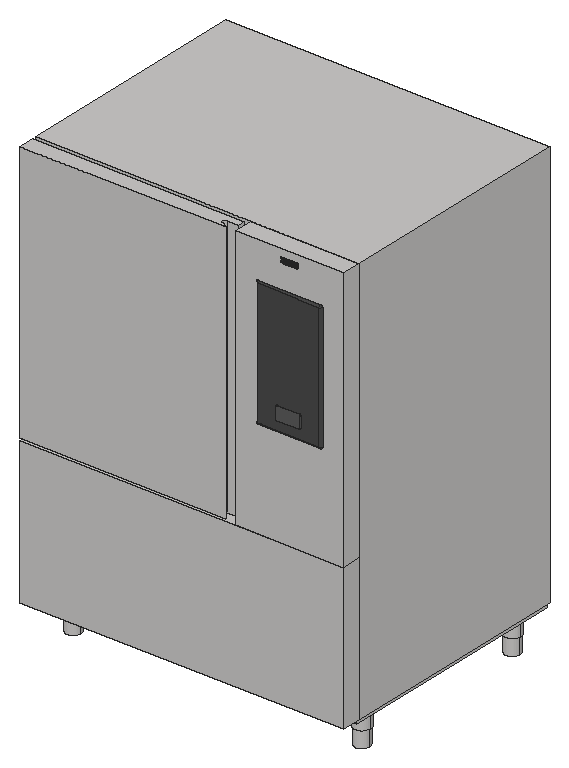
Revit family "QF_ZANUSSI_110549_ZBFA12E", category Specialty Equipment, Revit 2018 (continued)
Automatic sketch dimensions
  Split face 299 sketch curve to Split face 299 sketch curve = 110.016 mm
  Split face 299 sketch curve to Split face 299 sketch curve = 4.974 mm
  Split face 300 sketch curve to Extrusion 4 = 147.5 mm
  Split face 300 sketch curve to Extrusion 4 = 620.012 mm
  Split face 300 sketch curve to Split face 300 sketch curve = 110.016 mm
  Split face 300 sketch curve to Split face 300 sketch curve = 4.974 mm
  Split face 301 sketch curve to Extrusion 4 = 157 mm
  Split face 301 sketch curve to Extrusion 4 = 620.012 mm
  Split face 301 sketch curve to Split face 301 sketch curve = 110.016 mm
  Split face 301 sketch curve to Split face 301 sketch curve = 4.974 mm
  Split face 302 sketch curve to Extrusion 4 = 166.5 mm
  Split face 302 sketch curve to Extrusion 4 = 620.012 mm
  Split face 302 sketch curve to Split face 302 sketch curve = 110.016 mm
  Split face 302 sketch curve to Split face 302 sketch curve = 4.974 mm
  Split face 303 sketch curve to Extrusion 4 = 176 mm
  Split face 303 sketch curve to Extrusion 4 = 620.012 mm
  Split face 303 sketch curve to Split face 303 sketch curve = 110.016 mm
  Split face 303 sketch curve to Split face 303 sketch curve = 4.974 mm
  Split face 304 sketch curve to Extrusion 4 = 185.5 mm
  Split face 304 sketch curve to Extrusion 4 = 620.012 mm
  Split face 304 sketch curve to Split face 304 sketch curve = 110.016 mm
  Split face 304 sketch curve to Split face 304 sketch curve = 4.974 mm
  Split face 305 sketch curve to Extrusion 4 = 195 mm
  Split face 305 sketch curve to Extrusion 4 = 620.012 mm
  Split face 305 sketch curve to Split face 305 sketch curve = 110.016 mm
  Split face 305 sketch curve to Split face 305 sketch curve = 4.974 mm
  Split face 306 sketch curve to Extrusion 4 = 204.5 mm
  Split face 306 sketch curve to Extrusion 4 = 620.012 mm
  Split face 306 sketch curve to Split face 306 sketch curve = 110.016 mm
  Split face 306 sketch curve to Split face 306 sketch curve = 4.974 mm
  Split face 307 sketch curve to Extrusion 4 = 214 mm
  Split face 307 sketch curve to Extrusion 4 = 620.012 mm
  Split face 307 sketch curve to Split face 307 sketch curve = 110.016 mm
  Split face 307 sketch curve to Split face 307 sketch curve = 4.974 mm
  Split face 308 sketch curve to Extrusion 4 = 223.5 mm
  Split face 308 sketch curve to Extrusion 4 = 620.012 mm
  Split face 308 sketch curve to Split face 308 sketch curve = 110.016 mm
  Split face 308 sketch curve to Split face 308 sketch curve = 4.974 mm
  Split face 309 sketch curve to Extrusion 4 = 233.001 mm
  Split face 309 sketch curve to Extrusion 4 = 620.012 mm
  Split face 309 sketch curve to Split face 309 sketch curve = 110.016 mm
  Split face 309 sketch curve to Split face 309 sketch curve = 4.974 mm
  Split face 310 sketch curve to Extrusion 4 = 242.501 mm
  Split face 310 sketch curve to Extrusion 4 = 620.012 mm
  Split face 310 sketch curve to Split face 310 sketch curve = 110.016 mm
  Split face 310 sketch curve to Split face 310 sketch curve = 4.974 mm
  Split face 311 sketch curve to Extrusion 4 = 252.001 mm
  Split face 311 sketch curve to Extrusion 4 = 620.012 mm
  Split face 311 sketch curve to Split face 311 sketch curve = 110.016 mm
  Split face 311 sketch curve to Split face 311 sketch curve = 4.974 mm
  Split face 312 sketch curve to Extrusion 4 = 261.501 mm
  Split face 312 sketch curve to Extrusion 4 = 620.012 mm
  Split face 312 sketch curve to Split face 312 sketch curve = 110.016 mm
  Split face 312 sketch curve to Split face 312 sketch curve = 4.974 mm
  Split face 313 sketch curve to Extrusion 4 = 271.001 mm
  Split face 313 sketch curve to Extrusion 4 = 620.012 mm
  Split face 313 sketch curve to Split face 313 sketch curve = 110.016 mm
  Split face 313 sketch curve to Split face 313 sketch curve = 4.974 mm
  Split face 314 sketch curve to Extrusion 4 = 279.479 mm
  Split face 314 sketch curve to Extrusion 4 = 620.012 mm
  Split face 314 sketch curve to Split face 314 sketch curve = 110.016 mm
  Split face 314 sketch curve to Split face 314 sketch curve = 4.974 mm
  Split face 315 sketch curve to Extrusion 4 = 269.979 mm
  Split face 315 sketch curve to Extrusion 4 = 620.012 mm
  Split face 315 sketch curve to Split face 315 sketch curve = 110.016 mm
  Split face 315 sketch curve to Split face 315 sketch curve = 4.974 mm
  Split face 316 sketch curve to Extrusion 4 = 260.479 mm
  Split face 316 sketch curve to Extrusion 4 = 620.012 mm
  Split face 316 sketch curve to Split face 316 sketch curve = 110.016 mm
  Split face 316 sketch curve to Split face 316 sketch curve = 4.974 mm
  Split face 317 sketch curve to Extrusion 4 = 250.978 mm
  Split face 317 sketch curve to Extrusion 4 = 620.012 mm
  Split face 317 sketch curve to Split face 317 sketch curve = 110.016 mm
  Split face 317 sketch curve to Split face 317 sketch curve = 4.974 mm
  Split face 318 sketch curve to Extrusion 4 = 241.478 mm
  Split face 318 sketch curve to Extrusion 4 = 620.012 mm
  Split face 318 sketch curve to Split face 318 sketch curve = 110.016 mm
  Split face 318 sketch curve to Split face 318 sketch curve = 4.974 mm
  Split face 319 sketch curve to Extrusion 4 = 231.978 mm
  Split face 319 sketch curve to Extrusion 4 = 620.012 mm
  Split face 319 sketch curve to Split face 319 sketch curve = 110.016 mm
  Split face 319 sketch curve to Split face 319 sketch curve = 4.974 mm
  Split face 320 sketch curve to Extrusion 4 = 222.478 mm
  Split face 320 sketch curve to Extrusion 4 = 620.012 mm
  Split face 320 sketch curve to Split face 320 sketch curve = 110.016 mm
  Split face 320 sketch curve to Split face 320 sketch curve = 4.974 mm
  Split face 321 sketch curve to Extrusion 4 = 212.978 mm
  Split face 321 sketch curve to Extrusion 4 = 620.012 mm
  Split face 321 sketch curve to Split face 321 sketch curve = 110.016 mm
  Split face 321 sketch curve to Split face 321 sketch curve = 4.974 mm
  Split face 322 sketch curve to Extrusion 4 = 203.478 mm
  Split face 322 sketch curve to Extrusion 4 = 620.012 mm
  Split face 322 sketch curve to Split face 322 sketch curve = 110.016 mm
  Split face 322 sketch curve to Split face 322 sketch curve = 4.974 mm
  Split face 323 sketch curve to Extrusion 4 = 193.978 mm
  Split face 323 sketch curve to Extrusion 4 = 620.012 mm
  Split face 323 sketch curve to Split face 323 sketch curve = 110.016 mm
  Split face 323 sketch curve to Split face 323 sketch curve = 4.974 mm
  Split face 324 sketch curve to Extrusion 4 = 184.478 mm
  Split face 324 sketch curve to Extrusion 4 = 620.012 mm
  Split face 324 sketch curve to Split face 324 sketch curve = 110.016 mm
  Split face 324 sketch curve to Split face 324 sketch curve = 4.974 mm
  Split face 325 sketch curve to Extrusion 4 = 174.978 mm
  Split face 325 sketch curve to Extrusion 4 = 620.012 mm
  Split face 325 sketch curve to Split face 325 sketch curve = 110.016 mm
  Split face 325 sketch curve to Split face 325 sketch curve = 4.974 mm
  Split face 326 sketch curve to Extrusion 4 = 165.478 mm
  Split face 326 sketch curve to Extrusion 4 = 620.012 mm
  Split face 326 sketch curve to Split face 326 sketch curve = 110.016 mm
  Split face 326 sketch curve to Split face 326 sketch curve = 4.974 mm
  Split face 327 sketch curve to Extrusion 4 = 155.978 mm
  Split face 327 sketch curve to Extrusion 4 = 620.012 mm
  Split face 327 sketch curve to Split face 327 sketch curve = 110.016 mm
  Split face 327 sketch curve to Split face 327 sketch curve = 4.974 mm
  Split face 328 sketch curve to Extrusion 4 = 146.478 mm
  Split face 328 sketch curve to Extrusion 4 = 620.012 mm
  Split face 328 sketch curve to Split face 328 sketch curve = 110.016 mm
  Split face 328 sketch curve to Split face 328 sketch curve = 4.974 mm
  Split face 329 sketch curve to Extrusion 4 = 33.499 mm
  Split face 329 sketch curve to Extrusion 4 = 500.021 mm
  Split face 329 sketch curve to Extrusion 4 = 28.525 mm
  Split face 329 sketch curve to Split face 329 sketch curve = 110.016 mm
  Split face 330 sketch curve to Extrusion 4 = 42.999 mm
  Split face 330 sketch curve to Extrusion 4 = 500.021 mm
  Split face 330 sketch curve to Extrusion 4 = 38.025 mm
  Split face 330 sketch curve to Split face 330 sketch curve = 110.016 mm
  Split face 331 sketch curve to Extrusion 4 = 52.499 mm
  Split face 331 sketch curve to Extrusion 4 = 500.021 mm
  Split face 331 sketch curve to Extrusion 4 = 47.525 mm
  Split face 331 sketch curve to Split face 331 sketch curve = 110.016 mm
  Split face 332 sketch curve to Extrusion 4 = 61.999 mm
  Split face 332 sketch curve to Extrusion 4 = 500.021 mm
  Split face 332 sketch curve to Split face 332 sketch curve = 110.016 mm
  Split face 332 sketch curve to Split face 332 sketch curve = 4.974 mm
  Split face 333 sketch curve to Extrusion 4 = 71.499 mm
  Split face 333 sketch curve to Extrusion 4 = 500.021 mm
  Split face 333 sketch curve to Split face 333 sketch curve = 110.016 mm
  Split face 333 sketch curve to Split face 333 sketch curve = 4.974 mm
  Split face 334 sketch curve to Extrusion 4 = 80.999 mm
  Split face 334 sketch curve to Extrusion 4 = 500.021 mm
  Split face 334 sketch curve to Split face 334 sketch curve = 110.016 mm
  Split face 334 sketch curve to Split face 334 sketch curve = 4.974 mm
  Split face 335 sketch curve to Extrusion 4 = 90.499 mm
  Split face 335 sketch curve to Extrusion 4 = 500.021 mm
  Split face 335 sketch curve to Split face 335 sketch curve = 110.016 mm
  Split face 335 sketch curve to Split face 335 sketch curve = 4.974 mm
  Split face 336 sketch curve to Extrusion 4 = 99.999 mm
  Split face 336 sketch curve to Extrusion 4 = 500.021 mm
  Split face 336 sketch curve to Split face 336 sketch curve = 110.016 mm
  Split face 336 sketch curve to Split face 336 sketch curve = 4.974 mm
  Split face 337 sketch curve to Extrusion 4 = 109.499 mm
  Split face 337 sketch curve to Extrusion 4 = 500.021 mm
  Split face 337 sketch curve to Split face 337 sketch curve = 110.016 mm
  Split face 337 sketch curve to Split face 337 sketch curve = 4.974 mm
  Split face 338 sketch curve to Extrusion 4 = 119 mm
  Split face 338 sketch curve to Extrusion 4 = 500.021 mm
  Split face 338 sketch curve to Split face 338 sketch curve = 110.016 mm
  Split face 338 sketch curve to Split face 338 sketch curve = 4.974 mm
  Split face 339 sketch curve to Extrusion 4 = 128.5 mm
  Split face 339 sketch curve to Extrusion 4 = 500.021 mm
  Split face 339 sketch curve to Split face 339 sketch curve = 110.016 mm
  Split face 339 sketch curve to Split face 339 sketch curve = 4.974 mm
  Split face 340 sketch curve to Extrusion 4 = 138 mm
  Split face 340 sketch curve to Extrusion 4 = 500.021 mm
  Split face 340 sketch curve to Split face 340 sketch curve = 110.016 mm
  Split face 340 sketch curve to Split face 340 sketch curve = 4.974 mm
  Split face 341 sketch curve to Extrusion 4 = 147.5 mm
  Split face 341 sketch curve to Extrusion 4 = 500.021 mm
  Split face 341 sketch curve to Split face 341 sketch curve = 110.016 mm
  Split face 341 sketch curve to Split face 341 sketch curve = 4.974 mm
  Split face 342 sketch curve to Extrusion 4 = 157 mm
  Split face 342 sketch curve to Extrusion 4 = 500.021 mm
  Split face 342 sketch curve to Split face 342 sketch curve = 110.016 mm
  Split face 342 sketch curve to Split face 342 sketch curve = 4.974 mm
  Split face 343 sketch curve to Extrusion 4 = 166.5 mm
  Split face 343 sketch curve to Extrusion 4 = 500.021 mm
  Split face 343 sketch curve to Split face 343 sketch curve = 110.016 mm
  Split face 343 sketch curve to Split face 343 sketch curve = 4.974 mm
  Split face 344 sketch curve to Extrusion 4 = 176 mm
  Split face 344 sketch curve to Extrusion 4 = 500.021 mm
  Split face 344 sketch curve to Split face 344 sketch curve = 110.016 mm
  Split face 344 sketch curve to Split face 344 sketch curve = 4.974 mm
  Split face 345 sketch curve to Extrusion 4 = 185.5 mm
  Split face 345 sketch curve to Extrusion 4 = 500.021 mm
  Split face 345 sketch curve to Split face 345 sketch curve = 110.016 mm
  Split face 345 sketch curve to Split face 345 sketch curve = 4.974 mm
  Split face 346 sketch curve to Extrusion 4 = 195 mm
  Split face 346 sketch curve to Extrusion 4 = 500.021 mm
  Split face 346 sketch curve to Split face 346 sketch curve = 110.016 mm
  Split face 346 sketch curve to Split face 346 sketch curve = 4.974 mm
  Split face 347 sketch curve to Extrusion 4 = 204.5 mm
  Split face 347 sketch curve to Extrusion 4 = 500.021 mm
  Split face 347 sketch curve to Split face 347 sketch curve = 110.016 mm
  Split face 347 sketch curve to Split face 347 sketch curve = 4.974 mm
  Split face 348 sketch curve to Extrusion 4 = 214 mm
  Split face 348 sketch curve to Extrusion 4 = 500.021 mm
  Split face 348 sketch curve to Split face 348 sketch curve = 110.016 mm
  Split face 348 sketch curve to Split face 348 sketch curve = 4.974 mm
  Split face 349 sketch curve to Extrusion 4 = 223.5 mm
  Split face 349 sketch curve to Extrusion 4 = 500.021 mm
  Split face 349 sketch curve to Split face 349 sketch curve = 110.016 mm
  Split face 349 sketch curve to Split face 349 sketch curve = 4.974 mm
  Split face 350 sketch curve to Extrusion 4 = 233.001 mm
  Split face 350 sketch curve to Extrusion 4 = 500.021 mm
  Split face 350 sketch curve to Split face 350 sketch curve = 110.016 mm
  Split face 350 sketch curve to Split face 350 sketch curve = 4.974 mm
  Split face 351 sketch curve to Extrusion 4 = 242.501 mm
  Split face 351 sketch curve to Extrusion 4 = 500.021 mm
  Split face 351 sketch curve to Split face 351 sketch curve = 110.016 mm
  Split face 351 sketch curve to Split face 351 sketch curve = 4.974 mm
  Split face 352 sketch curve to Extrusion 4 = 500.021 mm
  Split face 352 sketch curve to Split face 352 sketch curve = 110.016 mm
  Split face 352 sketch curve to Extrusion 4 = 252.001 mm
  Split face 352 sketch curve to Split face 352 sketch curve = 4.974 mm
  Split face 353 sketch curve to Extrusion 4 = 500.021 mm
  Split face 353 sketch curve to Split face 353 sketch curve = 110.016 mm
  Split face 353 sketch curve to Extrusion 4 = 261.501 mm
  Split face 353 sketch curve to Split face 353 sketch curve = 4.974 mm
  Split face 354 sketch curve to Extrusion 4 = 500.021 mm
  Split face 354 sketch curve to Split face 354 sketch curve = 110.016 mm
  Split face 354 sketch curve to Extrusion 4 = 271.001 mm
  Split face 354 sketch curve to Split face 354 sketch curve = 4.974 mm
  Split face 355 sketch curve to Extrusion 4 = 500.021 mm
  Split face 355 sketch curve to Split face 355 sketch curve = 110.016 mm
  Split face 355 sketch curve to Extrusion 4 = 279.479 mm
  Split face 355 sketch curve to Split face 355 sketch curve = 4.974 mm
  Split face 356 sketch curve to Extrusion 4 = 500.021 mm
  Split face 356 sketch curve to Split face 356 sketch curve = 110.016 mm
  Split face 356 sketch curve to Extrusion 4 = 269.979 mm
  Split face 356 sketch curve to Split face 356 sketch curve = 4.974 mm
  Split face 357 sketch curve to Extrusion 4 = 500.021 mm
  Split face 357 sketch curve to Split face 357 sketch curve = 110.016 mm
  Split face 357 sketch curve to Extrusion 4 = 260.479 mm
  Split face 357 sketch curve to Split face 357 sketch curve = 4.974 mm
  Split face 358 sketch curve to Extrusion 4 = 500.021 mm
  Split face 358 sketch curve to Split face 358 sketch curve = 110.016 mm
  Split face 358 sketch curve to Extrusion 4 = 250.978 mm
  Split face 358 sketch curve to Split face 358 sketch curve = 4.974 mm
  Split face 359 sketch curve to Extrusion 4 = 241.478 mm
  Split face 359 sketch curve to Extrusion 4 = 500.021 mm
  Split face 359 sketch curve to Split face 359 sketch curve = 110.016 mm
  Split face 359 sketch curve to Split face 359 sketch curve = 4.974 mm
  Split face 360 sketch curve to Extrusion 4 = 231.978 mm
  Split face 360 sketch curve to Extrusion 4 = 500.021 mm
  Split face 360 sketch curve to Split face 360 sketch curve = 110.016 mm
  Split face 360 sketch curve to Split face 360 sketch curve = 4.974 mm
  Split face 361 sketch curve to Extrusion 4 = 222.478 mm
  Split face 361 sketch curve to Extrusion 4 = 500.021 mm
  Split face 361 sketch curve to Split face 361 sketch curve = 110.016 mm
  Split face 361 sketch curve to Split face 361 sketch curve = 4.974 mm
  Split face 362 sketch curve to Extrusion 4 = 212.978 mm
  Split face 362 sketch curve to Extrusion 4 = 500.021 mm
  Split face 362 sketch curve to Split face 362 sketch curve = 110.016 mm
  Split face 362 sketch curve to Split face 362 sketch curve = 4.974 mm
  Split face 363 sketch curve to Extrusion 4 = 203.478 mm
  Split face 363 sketch curve to Extrusion 4 = 500.021 mm
  Split face 363 sketch curve to Split face 363 sketch curve = 110.016 mm
  Split face 363 sketch curve to Split face 363 sketch curve = 4.974 mm
  Split face 364 sketch curve to Extrusion 4 = 193.978 mm
  Split face 364 sketch curve to Extrusion 4 = 500.021 mm
  Split face 364 sketch curve to Split face 364 sketch curve = 110.016 mm
  Split face 364 sketch curve to Split face 364 sketch curve = 4.974 mm
  Split face 365 sketch curve to Extrusion 4 = 184.478 mm
  Split face 365 sketch curve to Extrusion 4 = 500.021 mm
  Split face 365 sketch curve to Split face 365 sketch curve = 110.016 mm
  Split face 365 sketch curve to Split face 365 sketch curve = 4.974 mm
  Split face 366 sketch curve to Extrusion 4 = 174.978 mm
  Split face 366 sketch curve to Extrusion 4 = 500.021 mm
  Split face 366 sketch curve to Split face 366 sketch curve = 110.016 mm
  Split face 366 sketch curve to Split face 366 sketch curve = 4.974 mm
  Split face 367 sketch curve to Extrusion 4 = 165.478 mm
  Split face 367 sketch curve to Extrusion 4 = 500.021 mm
  Split face 367 sketch curve to Split face 367 sketch curve = 110.016 mm
  Split face 367 sketch curve to Split face 367 sketch curve = 4.974 mm
  Split face 368 sketch curve to Extrusion 4 = 155.978 mm
  Split face 368 sketch curve to Extrusion 4 = 500.021 mm
  Split face 368 sketch curve to Split face 368 sketch curve = 110.016 mm
  Split face 368 sketch curve to Split face 368 sketch curve = 4.974 mm
  Split face 369 sketch curve to Extrusion 4 = 146.478 mm
  Split face 369 sketch curve to Extrusion 4 = 500.021 mm
  Split face 369 sketch curve to Split face 369 sketch curve = 110.016 mm
  Split face 369 sketch curve to Split face 369 sketch curve = 4.974 mm
  Split face 370 sketch curve to Extrusion 4 = 33.499 mm
  Split face 370 sketch curve to Extrusion 4 = 509.996 mm
  Split face 370 sketch curve to Extrusion 4 = 28.525 mm
  Split face 370 sketch curve to Split face 370 sketch curve = 110.016 mm
  Split face 371 sketch curve to Extrusion 4 = 42.999 mm
  Split face 371 sketch curve to Extrusion 4 = 509.996 mm
  Split face 371 sketch curve to Extrusion 4 = 38.025 mm
  Split face 371 sketch curve to Split face 371 sketch curve = 110.016 mm
  Split face 372 sketch curve to Extrusion 4 = 52.499 mm
  Split face 372 sketch curve to Extrusion 4 = 509.996 mm
  Split face 372 sketch curve to Extrusion 4 = 47.525 mm
  Split face 372 sketch curve to Split face 372 sketch curve = 110.016 mm
  Split face 373 sketch curve to Extrusion 4 = 61.999 mm
  Split face 373 sketch curve to Extrusion 4 = 509.996 mm
  Split face 373 sketch curve to Split face 373 sketch curve = 110.016 mm
  Split face 373 sketch curve to Split face 373 sketch curve = 4.974 mm
  Split face 374 sketch curve to Extrusion 4 = 71.499 mm
  Split face 374 sketch curve to Extrusion 4 = 509.996 mm
  Split face 374 sketch curve to Split face 374 sketch curve = 110.016 mm
  Split face 374 sketch curve to Split face 374 sketch curve = 4.974 mm
  Split face 375 sketch curve to Extrusion 4 = 80.999 mm
  Split face 375 sketch curve to Extrusion 4 = 509.996 mm
  Split face 375 sketch curve to Split face 375 sketch curve = 110.016 mm
  Split face 375 sketch curve to Split face 375 sketch curve = 4.974 mm
  Split face 376 sketch curve to Extrusion 4 = 90.499 mm
  Split face 376 sketch curve to Extrusion 4 = 509.996 mm
  Split face 376 sketch curve to Split face 376 sketch curve = 110.016 mm
  Split face 376 sketch curve to Split face 376 sketch curve = 4.974 mm
  Split face 377 sketch curve to Extrusion 4 = 99.999 mm
  Split face 377 sketch curve to Extrusion 4 = 509.996 mm
  Split face 377 sketch curve to Split face 377 sketch curve = 110.016 mm
  Split face 377 sketch curve to Split face 377 sketch curve = 4.974 mm
  Split face 378 sketch curve to Extrusion 4 = 109.499 mm
  Split face 378 sketch curve to Extrusion 4 = 509.996 mm
  Split face 378 sketch curve to Split face 378 sketch curve = 110.016 mm
  Split face 378 sketch curve to Split face 378 sketch curve = 4.974 mm
  Split face 379 sketch curve to Extrusion 4 = 119 mm
  Split face 379 sketch curve to Extrusion 4 = 509.996 mm
  Split face 379 sketch curve to Split face 379 sketch curve = 110.016 mm
  Split face 379 sketch curve to Split face 379 sketch curve = 4.974 mm
  Split face 380 sketch curve to Extrusion 4 = 128.5 mm
  Split face 380 sketch curve to Extrusion 4 = 509.996 mm
  Split face 380 sketch curve to Split face 380 sketch curve = 110.016 mm
  Split face 380 sketch curve to Split face 380 sketch curve = 4.974 mm
  Split face 381 sketch curve to Extrusion 4 = 138 mm
  Split face 381 sketch curve to Extrusion 4 = 509.996 mm
  Split face 381 sketch curve to Split face 381 sketch curve = 110.016 mm
  Split face 381 sketch curve to Split face 381 sketch curve = 4.974 mm
  Split face 382 sketch curve to Extrusion 4 = 147.5 mm
  Split face 382 sketch curve to Extrusion 4 = 509.996 mm
  Split face 382 sketch curve to Split face 382 sketch curve = 110.016 mm
  Split face 382 sketch curve to Split face 382 sketch curve = 4.974 mm
  Split face 383 sketch curve to Extrusion 4 = 157 mm
  Split face 383 sketch curve to Extrusion 4 = 509.996 mm
  Split face 383 sketch curve to Split face 383 sketch curve = 110.016 mm
  Split face 383 sketch curve to Split face 383 sketch curve = 4.974 mm
  Split face 384 sketch curve to Extrusion 4 = 166.5 mm
  Split face 384 sketch curve to Extrusion 4 = 509.996 mm
  Split face 384 sketch curve to Split face 384 sketch curve = 110.016 mm
  Split face 384 sketch curve to Split face 384 sketch curve = 4.974 mm
  Split face 385 sketch curve to Extrusion 4 = 176 mm
  Split face 385 sketch curve to Extrusion 4 = 509.996 mm
  Split face 385 sketch curve to Split face 385 sketch curve = 110.016 mm
  Split face 385 sketch curve to Split face 385 sketch curve = 4.974 mm
  Split face 386 sketch curve to Extrusion 4 = 185.5 mm
  Split face 386 sketch curve to Extrusion 4 = 509.996 mm
  Split face 386 sketch curve to Split face 386 sketch curve = 110.016 mm
  Split face 386 sketch curve to Split face 386 sketch curve = 4.974 mm
  Split face 387 sketch curve to Extrusion 4 = 195 mm
  Split face 387 sketch curve to Extrusion 4 = 509.996 mm
  Split face 387 sketch curve to Split face 387 sketch curve = 110.016 mm
  Split face 387 sketch curve to Split face 387 sketch curve = 4.974 mm
  Split face 388 sketch curve to Extrusion 4 = 204.5 mm
  Split face 388 sketch curve to Extrusion 4 = 509.996 mm
  Split face 388 sketch curve to Split face 388 sketch curve = 110.016 mm
  Split face 388 sketch curve to Split face 388 sketch curve = 4.974 mm
  Split face 389 sketch curve to Extrusion 4 = 214 mm
  Split face 389 sketch curve to Extrusion 4 = 509.996 mm
  Split face 389 sketch curve to Split face 389 sketch curve = 110.016 mm
  Split face 389 sketch curve to Split face 389 sketch curve = 4.974 mm
  Split face 390 sketch curve to Extrusion 4 = 223.5 mm
  Split face 390 sketch curve to Extrusion 4 = 509.996 mm
  Split face 390 sketch curve to Split face 390 sketch curve = 110.016 mm
  Split face 390 sketch curve to Split face 390 sketch curve = 4.974 mm
  Split face 391 sketch curve to Extrusion 4 = 233.001 mm
  Split face 391 sketch curve to Extrusion 4 = 509.996 mm
  Split face 391 sketch curve to Split face 391 sketch curve = 110.016 mm
  Split face 391 sketch curve to Split face 391 sketch curve = 4.974 mm
  Split face 392 sketch curve to Extrusion 4 = 242.501 mm
  Split face 392 sketch curve to Extrusion 4 = 509.996 mm
  Split face 392 sketch curve to Split face 392 sketch curve = 110.016 mm
  Split face 392 sketch curve to Split face 392 sketch curve = 4.974 mm
  Split face 393 sketch curve to Extrusion 4 = 252.001 mm
  Split face 393 sketch curve to Extrusion 4 = 509.996 mm
  Split face 393 sketch curve to Split face 393 sketch curve = 110.016 mm
  Split face 393 sketch curve to Split face 393 sketch curve = 4.974 mm
  Split face 394 sketch curve to Extrusion 4 = 509.996 mm
  Split face 394 sketch curve to Split face 394 sketch curve = 110.016 mm
  Split face 394 sketch curve to Extrusion 4 = 261.501 mm
  Split face 394 sketch curve to Split face 394 sketch curve = 4.974 mm
  Split face 395 sketch curve to Extrusion 4 = 509.996 mm
  Split face 395 sketch curve to Split face 395 sketch curve = 110.016 mm
  Split face 395 sketch curve to Extrusion 4 = 271.001 mm
  Split face 395 sketch curve to Split face 395 sketch curve = 4.974 mm
  Split face 396 sketch curve to Extrusion 4 = 509.996 mm
  Split face 396 sketch curve to Split face 396 sketch curve = 110.016 mm
  Split face 396 sketch curve to Extrusion 4 = 279.479 mm
  Split face 396 sketch curve to Split face 396 sketch curve = 4.974 mm
  Split face 397 sketch curve to Extrusion 4 = 509.996 mm
  Split face 397 sketch curve to Split face 397 sketch curve = 110.016 mm
  Split face 397 sketch curve to Extrusion 4 = 269.979 mm
  Split face 397 sketch curve to Split face 397 sketch curve = 4.974 mm
  Split face 398 sketch curve to Extrusion 4 = 509.996 mm
  Split face 398 sketch curve to Split face 398 sketch curve = 110.016 mm
  Split face 398 sketch curve to Extrusion 4 = 260.479 mm
  Split face 398 sketch curve to Split face 398 sketch curve = 4.974 mm
  Split face 399 sketch curve to Extrusion 4 = 250.978 mm
  Split face 399 sketch curve to Extrusion 4 = 509.996 mm
  Split face 399 sketch curve to Split face 399 sketch curve = 110.016 mm
  Split face 399 sketch curve to Split face 399 sketch curve = 4.974 mm
  Split face 400 sketch curve to Extrusion 4 = 241.478 mm
  Split face 400 sketch curve to Extrusion 4 = 509.996 mm
  Split face 400 sketch curve to Split face 400 sketch curve = 110.016 mm
  Split face 400 sketch curve to Split face 400 sketch curve = 4.974 mm
  Split face 401 sketch curve to Extrusion 4 = 231.978 mm
  Split face 401 sketch curve to Extrusion 4 = 509.996 mm
  Split face 401 sketch curve to Split face 401 sketch curve = 110.016 mm
  Split face 401 sketch curve to Split face 401 sketch curve = 4.974 mm
  Split face 402 sketch curve to Extrusion 4 = 222.478 mm
  Split face 402 sketch curve to Extrusion 4 = 509.996 mm
  Split face 402 sketch curve to Split face 402 sketch curve = 110.016 mm
  Split face 402 sketch curve to Split face 402 sketch curve = 4.974 mm
  Split face 403 sketch curve to Extrusion 4 = 212.978 mm
  Split face 403 sketch curve to Extrusion 4 = 509.996 mm
  Split face 403 sketch curve to Split face 403 sketch curve = 110.016 mm
  Split face 403 sketch curve to Split face 403 sketch curve = 4.974 mm
  Split face 404 sketch curve to Extrusion 4 = 203.478 mm
  Split face 404 sketch curve to Extrusion 4 = 509.996 mm
  Split face 404 sketch curve to Split face 404 sketch curve = 110.016 mm
  Split face 404 sketch curve to Split face 404 sketch curve = 4.974 mm
  Split face 405 sketch curve to Extrusion 4 = 193.978 mm
  Split face 405 sketch curve to Extrusion 4 = 509.996 mm
  Split face 405 sketch curve to Split face 405 sketch curve = 110.016 mm
  Split face 405 sketch curve to Split face 405 sketch curve = 4.974 mm
  Split face 406 sketch curve to Extrusion 4 = 184.478 mm
  Split face 406 sketch curve to Extrusion 4 = 509.996 mm
  Split face 406 sketch curve to Split face 406 sketch curve = 110.016 mm
  Split face 406 sketch curve to Split face 406 sketch curve = 4.974 mm
  Split face 407 sketch curve to Extrusion 4 = 174.978 mm
  Split face 407 sketch curve to Extrusion 4 = 509.996 mm
  Split face 407 sketch curve to Split face 407 sketch curve = 110.016 mm
  Split face 407 sketch curve to Split face 407 sketch curve = 4.974 mm
  Split face 408 sketch curve to Extrusion 4 = 165.478 mm
  Split face 408 sketch curve to Extrusion 4 = 509.996 mm
  Split face 408 sketch curve to Split face 408 sketch curve = 110.016 mm
  Split face 408 sketch curve to Split face 408 sketch curve = 4.974 mm
  Split face 409 sketch curve to Extrusion 4 = 155.978 mm
  Split face 409 sketch curve to Extrusion 4 = 509.996 mm
  Split face 409 sketch curve to Split face 409 sketch curve = 110.016 mm
  Split face 409 sketch curve to Split face 409 sketch curve = 4.974 mm
  Split face 410 sketch curve to Extrusion 4 = 146.478 mm
  Split face 410 sketch curve to Extrusion 4 = 509.996 mm
  Split face 410 sketch curve to Split face 410 sketch curve = 110.016 mm
  Split face 410 sketch curve to Split face 410 sketch curve = 4.974 mm
  Extrusion 12 sketch curve to plane 7 "TOP" = 0 mm
  plane 5 "FRONT" to Extrusion 12 sketch curve = 0 mm
  plane 6 to Extrusion 12 sketch curve = 589.524 mm
  plane 5 "FRONT" to Extrusion 1 sketch curve = 76 mm
  plane 5 "FRONT" to Extrusion 5 sketch curve = 78 mm
  Extrusion 10 sketch curve to plane 5 "FRONT" = 0 mm
  plane 12 "LEFT" to Extrusion 10 sketch curve = 23.403 mm
  Extrusion 10 sketch curve to plane 13 = 14 mm
  plane 3 "Center Y" to Extrusion 10 sketch curve = 193.2 mm
  plane 10 to Extrusion 10 sketch curve = 2.5 mm
  plane 10 to Extrusion 12 sketch curve = 2.5 mm
  plane 3 "Center Y" to Extrusion 8 sketch curve = 193.2 mm
  plane 3 "Center Y" to Extrusion 13 sketch curve = 143.532 mm
  Extrusion 13 sketch curve to Extrusion 13 sketch curve = 4.321 mm
  Extrusion 13 sketch curve to Extrusion 13 sketch curve = 0.039 mm
  Extrusion 13 sketch curve to Extrusion 13 sketch curve = 27.707 mm
  plane 3 "Center Y" to Extrusion 13 sketch curve = 193.2 mm
  Extrusion 13 sketch curve to plane 5 "FRONT" = 0 mm
  Extrusion 13 sketch curve to Extrusion 13 sketch curve = 16.635 mm
  Extrusion 13 sketch curve to Extrusion 13 sketch curve = 7.197 mm
  plane 10 to Extrusion 14 sketch curve = 2.5 mm
  Extrusion 14 sketch curve to plane 12 "LEFT" = 7 mm
  Extrusion 14 sketch curve to Extrusion 14 sketch curve = 21.962 mm
  Extrusion 14 sketch curve to Extrusion 14 sketch curve = 23.346 mm
  Extrusion 14 sketch curve to Extrusion 14 sketch curve = 0.039 mm
  plane 12 "LEFT" to Extrusion 14 sketch curve = 9.635 mm
  Extrusion 14 sketch curve to Extrusion 14 sketch curve = 4.321 mm
  Extrusion 14 sketch curve to Extrusion 14 sketch curve = 7.197 mm
  curve 21 to plane 5 "FRONT" = 0 mm
  curve 21 to plane 12 "LEFT" = 0 mm
  curve 19 to plane 12 "LEFT" = 0 mm
  curve 18 to plane 5 "FRONT" = 0 mm
  plane 5 "FRONT" to curve 23 = 60 mm
  plane 3 "Center Y" to curve 23 = 193.2 mm
  curve 20 to curve 18 = 14.8 mm
  curve 20 to curve 18 = 16 mm
  curve 22 to curve 18 = 36.762 mm
  curve 23 to curve 20 = 27.773 mm
  curve 1 to plane 4 "BACK" = 0 mm
  curve 1 to plane 11 "RIGHT" = 0 mm
  curve 13 to plane 5 "FRONT" = 0 mm
  curve 6 to plane 9 = 0 mm
  curve 14 to plane 5 "FRONT" = 0 mm
  curve 17 to plane 5 "FRONT" = 0 mm
  curve 2 to plane 12 "LEFT" = 0 mm
  curve 15 to plane 5 "FRONT" = 0 mm
  plane 14 to curve 9 = 15.5 mm
  curve 13 to plane 5 "FRONT" = 5 mm
  plane 14 to curve 13 = 22.5 mm
  curve 8 to curve 10 = 21 mm
  curve 8 to curve 6 = 63.778 mm
  curve 11 to curve 11 = 238 mm
  curve 6 to curve 6 = 164.232 mm
  plane 10 to curve 17 = 2.5 mm
  curve 17 to plane 13 = 14 mm
  plane 12 "LEFT" to curve 14 = 23.403 mm
  curve 10 to curve 10 = 29 mm
  plane 5 "FRONT" to curve 14 = 17.949 mm
  curve 13 to curve 11 = 8 mm
  curve 10 to curve 7 = 55.686 mm
  curve 11 to curve 12 = 8 mm
  curve 5 to curve 5 = 8.092 mm
  curve 3 to curve 14 = 14.8 mm
  plane 12 "LEFT" to curve 16 = 25.227 mm
  curve 15 to plane 12 "LEFT" = 7 mm
  curve 2 to curve 14 = 58.051 mm
  plane 10 to curve 15 = 24.462 mm
  curve 24 to curve 22 = 23.385 mm
  curve 24 to curve 25 = 0.039 mm
  curve 24 to curve 24 = 8.395 mm
  curve 24 to curve 24 = 4.321 mm
  plane 12 "LEFT" to curve 28 = 16.833 mm
  curve 28 to curve 27 = 8.395 mm
  plane 10 to curve 28 = 47.847 mm
  curve 27 to curve 28 = 0.039 mm
  curve 28 to curve 28 = 7.197 mm
  plane 10 to curve 27 = 2.5 mm
  curve 29 to plane 12 "LEFT" = 7 mm
  plane 10 to curve 29 = 24.462 mm
  radius of Extrusion 3 sketch curve = 10.5 mm
  radius of Extrusion 6 sketch curve = 9.5 mm
Nested families
  nested 1: "Foot_Complete" at (-869.5, -118.149, 0), type "Foot_Complete"
    with H 130 mm
  nested 2: "Foot_Complete" at (246.5, -118.149, 0), type "Foot_Complete"
    with H 130 mm
  nested 3: "Foot_Complete" at (246.5, 608.851, 0), type "Foot_Complete"
    with H 130 mm
  nested 4: "Foot_Complete" at (-869.5, 608.851, 0), type "Foot_Complete"
    with H 130 mm
  nested 5: "ZAN_Logo_XS" at (105, -292.149, 1692.9) x (1, 0, 0) z (0, -1, 0), visible <- "Show Logo", type "ZAN_Logo_XS"
  nested 6: "ZAN_Touch" at (105, -292.149, 1341.605) x (1, 0, 0) z (0, -1, 0), type "ZAN_Touch"
Connectors
  electrical at (220.5, 732.851, 593), driven by "Volts"
    settings: on Extrusion 3, index 5, voltage 380 V, apparent load 0 VA, apparent load phase1 0 VA, apparent load phase2 0 VA, apparent load phase3 0 VA, power factor 1, load classification "Altro", number of poles 1, system type 30, power factor state 1, is connector primary yes, connector utility no, sub classification motor no, connector description "Electrical Connection"
  piping at (-366.5, 215.851, 98.32), diameter 19
    settings: on cut or joined group of Extrusion 1, Extrusion 2, Extrusion 3, Extrusion 5, Extrusion 6, Extrusion 7, Extrusion 11, index 6, connector inside diameter 609.6 mm, connector length 0 mm, flow factor 0, pipe flow 0.0 L/s, pressure drop 0.0 Pa, fitting loss kfactor 0, connector angle 0.00°, fixture units 0, engagement length 0 mm, angle of deflection 0.00°, flow configuration 1, flow direction 2, fitting loss method 0, system type 16, joint type 0, gender type 0, connector reference index -1, connector utility 0, adjustable connector no, is connector primary yes, connector description "Drain"
Definition of nested family "Foot_Complete"
  Parameters
    R = 32 mm
    H = 150 mm
  Reference planes
    plane 1 "Centro (Fronte/Retro)": y = 0
    plane 2: z = 0
    plane 3 "Centro (Sinistra/Destra)": x = 0
    plane 4: z = 150
  Forms (mm)
    Revolve 1, solid
      sketch origin (255.05, 0, 608.09) x (0, 0, 1) y (-1, 0, 0)
        loop
          line (-608.09, 255.05) -> (-608.09, 226.55) -> (-544.09, 226.55) -> (-544.09, 223.05) -> (-458.09, 223.05) -> (-458.09, 255.05) -> (-608.09, 255.05)
        axis (-608.09, 255.05) -> (-458.09, 255.05)
      angle from 0 to 360
  Dimensions and locks
    locked: level to Revolve 1 sketch curve at 64
    "R": Revolve 1 sketch curve to plane 3 "Centro (Sinistra/Destra)"
    "H": plane 4 to level
    aligned and locked: level to plane 2
    aligned and locked: plane 4 to Revolve 1 sketch curve
    aligned and locked: Revolve 1 sketch curve to level
    aligned and locked: plane 3 "Centro (Sinistra/Destra)" to Revolve 1 sketch curve
  Automatic sketch dimensions
    Revolve 1 sketch curve to plane 3 "Centro (Sinistra/Destra)" = 0 mm
    plane 3 "Centro (Sinistra/Destra)" to Revolve 1 sketch curve = 28.5 mm
    Revolve 1 sketch curve to Revolve 1 sketch curve = 50 mm
    Revolve 1 sketch curve to Revolve 1 sketch curve = 20 mm
Definition of nested family "ZAN_Logo_XS"
  Parameters
    Default Elevation = 0 mm
    M [instance] = none
  Reference planes
    plane 1 "Centro (Fronte/Retro)": y = 0
    plane 2: z = 0
    plane 3 "Centro (Sinistra/Destra)": x = 0
  Forms (mm)
    Extrusion 1, solid
      sketch origin (0, 0, 0) x (1, 0, 0) y (0, 1, 0)
        loop
          line (-1219.2, 1219.2) -> (-1219.2, -1219.2) -> (1219.2, -1219.2) -> (1219.2, 1219.2) -> (-1219.2, 1219.2)
      from 0 to -304.8
    Extrusion 2, solid, material <- "M"
      sketch origin (17.793, -46.218, 0) x (-1, 0, 0) y (0, -1, 0)
        loop
          spline (1.911, -54.793) -> (2.402, -54.973) -> (2.91, -55.105) -> (3.43, -55.191) -> (3.955, -55.229) -> (4.482, -55.219) -> (5.006, -55.161) -> (5.521, -55.054) -> (6.022, -54.898) -> (6.506, -54.693) -> (6.966, -54.438) -> (7.398, -54.133) -> (7.797, -53.778)
          spline (7.797, -53.778) -> (8.033, -53.407) -> (8.237, -53.008) -> (8.407, -52.586) -> (8.544, -52.147) -> (8.65, -51.697) -> (8.723, -51.241) -> (8.764, -50.785) -> (8.774, -50.335) -> (8.753, -49.897) -> (8.701, -49.475) -> (8.619, -49.075) -> (8.507, -48.704)
          line (8.507, -48.704) -> (6.883, -46.37) -> (5.158, -44.848) -> (3.027, -42.716)
          spline (3.027, -42.716) -> (3.002, -42.56) -> (2.979, -42.398) -> (2.962, -42.23) -> (2.952, -42.059) -> (2.951, -41.886) -> (2.963, -41.714) -> (2.99, -41.545) -> (3.034, -41.378) -> (3.098, -41.218) -> (3.184, -41.065) -> (3.295, -40.921) -> (3.433, -40.788)
          line (3.433, -40.788) -> (4.752, -40.687)
          spline (4.752, -40.687) -> (4.999, -40.855) -> (5.185, -41.053) -> (5.32, -41.275) -> (5.41, -41.518) -> (5.463, -41.775) -> (5.488, -42.044) -> (5.491, -42.319) -> (5.481, -42.596) -> (5.466, -42.87) -> (5.452, -43.137) -> (5.448, -43.392) -> (5.462, -43.63)
          line (5.462, -43.63) -> (9.014, -43.63)
          spline (9.014, -43.63) -> (9.056, -43.199) -> (9.08, -42.769) -> (9.084, -42.342) -> (9.067, -41.92) -> (9.027, -41.503) -> (8.964, -41.093) -> (8.875, -40.691) -> (8.759, -40.3) -> (8.615, -39.919) -> (8.441, -39.552) -> (8.237, -39.198) -> (7.999, -38.86)
          spline (7.999, -38.86) -> (7.708, -38.596) -> (7.394, -38.361) -> (7.059, -38.155) -> (6.707, -37.977) -> (6.338, -37.828) -> (5.957, -37.706) -> (5.565, -37.612) -> (5.165, -37.545) -> (4.76, -37.504) -> (4.351, -37.491) -> (3.942, -37.503) -> (3.534, -37.541)
          spline (3.534, -37.541) -> (3.104, -37.608) -> (2.677, -37.709) -> (2.258, -37.842) -> (1.85, -38.007) -> (1.459, -38.203) -> (1.086, -38.429) -> (0.737, -38.685) -> (0.415, -38.969) -> (0.123, -39.282) -> (-0.133, -39.622) -> (-0.35, -39.989) -> (-0.525, -40.383)
          spline (-0.525, -40.383) -> (-0.633, -40.866) -> (-0.704, -41.352) -> (-0.738, -41.837) -> (-0.736, -42.318) -> (-0.698, -42.794) -> (-0.627, -43.262) -> (-0.521, -43.719) -> (-0.382, -44.164) -> (-0.211, -44.592) -> (-0.008, -45.003) -> (0.226, -45.394) -> (0.49, -45.761)
          line (0.49, -45.761) -> (4.549, -49.414) -> (5.056, -50.023) -> (5.259, -51.647) -> (4.042, -52.256) -> (3.027, -51.546) -> (2.925, -49.414) -> (-0.424, -49.414) -> (-0.22, -52.865)
          spline (-0.22, -52.865) -> (-0.13, -53.068) -> (-0.013, -53.268) -> (0.127, -53.466) -> (0.287, -53.658) -> (0.464, -53.843) -> (0.655, -54.019) -> (0.856, -54.185) -> (1.065, -54.338) -> (1.278, -54.478) -> (1.492, -54.601) -> (1.704, -54.707) -> (1.911, -54.793)
        loop
          spline (-10.267, -52.966) -> (-9.987, -53.421) -> (-9.658, -53.822) -> (-9.284, -54.17) -> (-8.873, -54.466) -> (-8.429, -54.711) -> (-7.959, -54.907) -> (-7.467, -55.054) -> (-6.96, -55.154) -> (-6.443, -55.207) -> (-5.922, -55.214) -> (-5.402, -55.178) -> (-4.889, -55.098)
          spline (-4.889, -55.098) -> (-4.532, -55.03) -> (-4.176, -54.93) -> (-3.825, -54.799) -> (-3.483, -54.639) -> (-3.156, -54.45) -> (-2.847, -54.235) -> (-2.561, -53.994) -> (-2.303, -53.729) -> (-2.077, -53.442) -> (-1.889, -53.134) -> (-1.742, -52.805) -> (-1.641, -52.459)
          spline (-1.641, -52.459) -> (-1.485, -51.997) -> (-1.371, -51.525) -> (-1.299, -51.049) -> (-1.269, -50.572) -> (-1.282, -50.098) -> (-1.337, -49.63) -> (-1.434, -49.173) -> (-1.574, -48.73) -> (-1.756, -48.306) -> (-1.98, -47.904) -> (-2.246, -47.528) -> (-2.555, -47.182)
          line (-2.555, -47.182) -> (-6.31, -43.833) -> (-7.121, -42.615)
          spline (-7.121, -42.615) -> (-7.146, -42.461) -> (-7.169, -42.304) -> (-7.188, -42.144) -> (-7.2, -41.984) -> (-7.204, -41.823) -> (-7.198, -41.664) -> (-7.178, -41.506) -> (-7.144, -41.352) -> (-7.093, -41.202) -> (-7.023, -41.058) -> (-6.932, -40.919) -> (-6.817, -40.788)
          line (-6.817, -40.788) -> (-5.802, -40.585)
          spline (-5.802, -40.585) -> (-5.443, -40.671) -> (-5.17, -40.818) -> (-4.971, -41.02) -> (-4.836, -41.266) -> (-4.753, -41.547) -> (-4.711, -41.854) -> (-4.699, -42.178) -> (-4.705, -42.51) -> (-4.718, -42.84) -> (-4.726, -43.16) -> (-4.719, -43.46) -> (-4.686, -43.731)
          line (-4.686, -43.731) -> (-1.134, -43.63)
          spline (-1.134, -43.63) -> (-1.09, -43.193) -> (-1.063, -42.747) -> (-1.055, -42.296) -> (-1.07, -41.845) -> (-1.112, -41.396) -> (-1.185, -40.953) -> (-1.291, -40.522) -> (-1.435, -40.104) -> (-1.619, -39.705) -> (-1.848, -39.329) -> (-2.125, -38.978) -> (-2.453, -38.657)
          spline (-2.453, -38.657) -> (-2.873, -38.351) -> (-3.319, -38.09) -> (-3.785, -37.876) -> (-4.269, -37.706) -> (-4.765, -37.582) -> (-5.269, -37.503) -> (-5.778, -37.468) -> (-6.287, -37.477) -> (-6.792, -37.53) -> (-7.288, -37.626) -> (-7.771, -37.765) -> (-8.238, -37.947)
          spline (-8.238, -37.947) -> (-8.443, -38.033) -> (-8.65, -38.14) -> (-8.858, -38.264) -> (-9.065, -38.405) -> (-9.269, -38.562) -> (-9.468, -38.733) -> (-9.661, -38.917) -> (-9.846, -39.112) -> (-10.022, -39.317) -> (-10.185, -39.53) -> (-10.335, -39.751) -> (-10.47, -39.977)
          spline (-10.47, -39.977) -> (-10.65, -40.464) -> (-10.783, -40.962) -> (-10.87, -41.467) -> (-10.91, -41.976) -> (-10.904, -42.487) -> (-10.851, -42.996) -> (-10.752, -43.501) -> (-10.606, -43.998) -> (-10.413, -44.486) -> (-10.174, -44.961) -> (-9.889, -45.421) -> (-9.557, -45.863)
          line (-9.557, -45.863) -> (-5.295, -49.719) -> (-4.787, -51.038) -> (-5.193, -52.053) -> (-6.107, -52.256) -> (-7.121, -51.546) -> (-7.223, -49.516) -> (-10.673, -49.414)
          spline (-10.673, -49.414) -> (-10.656, -49.721) -> (-10.65, -50.03) -> (-10.653, -50.341) -> (-10.658, -50.651) -> (-10.662, -50.96) -> (-10.661, -51.267) -> (-10.648, -51.569) -> (-10.621, -51.865) -> (-10.573, -52.154) -> (-10.502, -52.435) -> (-10.401, -52.706) -> (-10.267, -52.966)
        loop
          line (-11.282, -37.541) -> (-14.834, -37.541) -> (-14.834, -54.894) -> (-11.282, -54.894) -> (-11.282, -37.541)
        loop
          line (15.205, -41.702) -> (15.205, -54.894) -> (18.757, -54.894) -> (18.757, -43.224) -> (18.554, -40.383)
          arc (18.554, -40.383) -> (17.093, -38.328) -> (14.698, -37.541) r 4.037
          line (14.698, -37.541) -> (13.074, -37.541) -> (12.262, -37.744)
          arc (12.262, -37.744) -> (10.306, -39.004) -> (9.522, -41.194) r 3.619
          line (9.522, -41.194) -> (9.522, -54.894) -> (13.074, -54.894) -> (13.074, -42.006) -> (13.479, -41.093) -> (14.596, -40.991) -> (15.205, -41.702)
        loop
          line (19.569, -54.894) -> (22.816, -54.894) -> (22.816, -43.833) -> (25.759, -54.894) -> (29.514, -54.894) -> (29.514, -37.541) -> (26.368, -37.541) -> (26.368, -49.008) -> (23.425, -37.541) -> (19.569, -37.541) -> (19.569, -54.894)
        loop
          line (41.184, -54.894) -> (50.013, -54.894) -> (50.013, -51.647) -> (45.345, -51.749) -> (50.419, -41.093) -> (50.419, -37.541) -> (41.184, -37.541) -> (41.184, -41.093) -> (46.511, -41.093) -> (41.184, -51.952) -> (41.184, -54.894)
        loop
          line (32.964, -54.894) -> (37.835, -54.894) -> (40.981, -37.541) -> (37.328, -37.541) -> (36.821, -40.89) -> (33.878, -40.89) -> (33.37, -37.541) -> (29.717, -37.541) -> (32.964, -54.894)
        loop
          line (36.415, -44.036) -> (34.385, -44.036) -> (35.4, -51.928) -> (36.415, -44.036)
      from 0 to 1.644
  Dimensions and locks
    aligned and locked: plane 2 to Extrusion 1
    aligned and locked: level to Extrusion 1
Definition of nested family "ZAN_Touch"
  Parameters
    Default Elevation = 1219.2 mm
  Reference planes
    plane 1 "Centro (Fronte/Retro)": y = 0
    plane 2: z = 0
    plane 3 "Centro (Sinistra/Destra)": x = 0
  Forms (mm)
    Extrusion 1, solid
      sketch origin (0, 0, 0) x (1, 0, 0) y (0, 1, 0)
        loop
          line (-1219.2, 1219.2) -> (-1219.2, -1219.2) -> (1219.2, -1219.2) -> (1219.2, 1219.2) -> (-1219.2, 1219.2)
      from 0 to -304.8
    Extrusion 2, solid
      sketch origin (0, 0, 5) x (1, 0, 0) y (0, 1, 0)
        loop
          line (-47, -160) -> (-47, -202)
          arc (-47, -202) -> (-45.536, -205.535) -> (-42, -207) r 5
          line (-42, -207) -> (42, -207)
          arc (42, -207) -> (45.536, -205.535) -> (47, -202) r 5
          line (47, -202) -> (47, -160)
          arc (47, -160) -> (45.536, -156.465) -> (42, -155) r 5
          line (42, -155) -> (-42, -155)
          arc (-42, -155) -> (-45.536, -156.465) -> (-47, -160) r 5
      from 0 to 2
    Blend 3, solid
      base sketch origin (0, 0, 0) x (1, 0, 0) y (0, 1, 0)
        loop
          line (-127, 244) -> (-127, -244)
          arc (-127, -244) -> (-125.536, -247.536) -> (-122, -249) r 5
          line (-122, -249) -> (122, -249)
          arc (122, -249) -> (125.536, -247.536) -> (127, -244) r 5
          line (127, -244) -> (127, 244)
          arc (127, 244) -> (125.536, 247.536) -> (122, 249) r 5
          line (122, 249) -> (-122, 249)
          arc (-122, 249) -> (-125.536, 247.536) -> (-127, 244) r 5
      top sketch origin (0, 0, 0) x (1, 0, 0) y (0, 1, 0)
        loop
          line (-119, -241) -> (119, -241) -> (119, 241) -> (-119, 241) -> (-119, -241)
      from 0 to 5
  Lines and regions (mm)
    Split face 1
      outline origin (0, 0, 5) x (1, 0, 0) y (0, 1, 0)
        loop
          line (-70.506, 46.167) -> (70.506, 46.167) -> (70.506, 214.829) -> (-70.506, 214.829) -> (-70.506, 46.167)
    Split face 2
      outline origin (0, 0, 5) x (1, 0, 0) y (0, 1, 0)
        loop
          line (-47.467, 50.825) -> (47.467, 50.825) -> (47.467, 210.171) -> (-47.467, 210.171) -> (-47.467, 50.825)
    Split face 3
      outline origin (0, 0, 5) x (1, 0, 0) y (0, 1, 0)
        loop
          line (116.89, 241) -> (114.093, 80.78)
          arc (114.093, 80.78) -> (111.629, 50.696) -> (105.329, 21.176) r 235
          arc (105.329, 21.176) -> (102.404, 0) -> (105.329, -21.176) r 78.117
          arc (105.329, -21.176) -> (111.629, -50.696) -> (114.093, -80.78) r 235
          line (114.093, -80.78) -> (116.89, -241)
  Dimensions and locks
    aligned and locked: plane 2 to Extrusion 1
    aligned and locked: level to Extrusion 1
